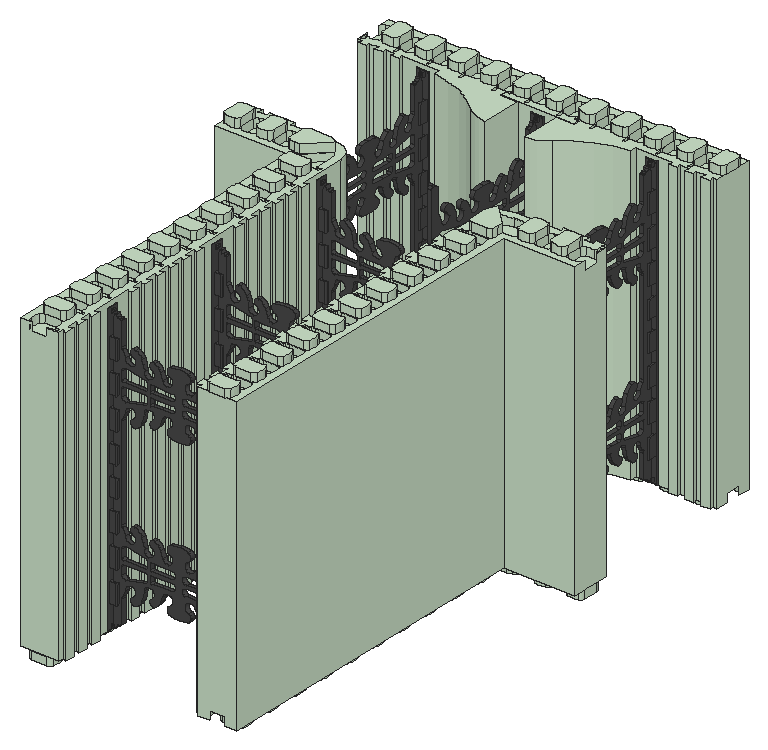
Revit family "ICF- NUDURA 8-inch- Long T Form Unit- Imperial", category Generic Models, Revit 2011 (continued)
Definition of nested family "NUDURA Diamond Pattern"
  Lines and regions (in)
    model lines
      curve 46: line (4.17062, -5.625, 13.69822) -> (4.54562, -5.625, 14.07322)
      curve 47: arc (4.54562, -5.625, 14.07322) -> (4.61884, -5.625, 14.25) -> (4.54562, -5.625, 14.42678) r 0.25
      curve 48: line (4.54562, -5.625, 14.42678) -> (4.17062, -5.625, 14.80178)
      curve 49: arc (3.69709, -5.625, 13.35858) -> (3.75567, -5.625, 13.5) -> (3.69709, -5.625, 13.64142) r 0.2
      curve 50: line (4.634, -5.625, 13.01517) -> (4.29059, -5.625, 13.35858)
      curve 51: arc (4.634, -5.625, 12.48484) -> (4.74384, -5.625, 12.75) -> (4.634, -5.625, 13.01517) r 0.375
      curve 52: line (4.29059, -5.625, 12.14142) -> (4.634, -5.625, 12.48484)
      curve 53: line (3.35367, -5.625, 12.48484) -> (3.69709, -5.625, 12.14142)
      curve 54: arc (3.35367, -5.625, 13.01517) -> (3.24384, -5.625, 12.75) -> (3.35367, -5.625, 12.48484) r 0.375
      curve 55: line (3.69709, -5.625, 13.35858) -> (3.35367, -5.625, 13.01517)
      curve 56: arc (4.17062, -5.625, 13.30178) -> (3.99384, -5.625, 13.375) -> (3.81706, -5.625, 13.30178) r 0.25
      curve 57: line (3.81706, -5.625, 13.30178) -> (3.44206, -5.625, 12.92678)
      curve 58: arc (3.44206, -5.625, 12.92678) -> (3.36884, -5.625, 12.75) -> (3.44206, -5.625, 12.57322) r 0.25
      curve 59: line (3.44206, -5.625, 12.57322) -> (3.81706, -5.625, 12.19822)
      curve 60: arc (3.81706, -5.625, 12.19822) -> (3.99384, -5.625, 12.125) -> (4.17062, -5.625, 12.19822) r 0.25
      curve 61: line (4.17062, -5.625, 12.19822) -> (4.54562, -5.625, 12.57322)
      curve 62: arc (4.54562, -5.625, 12.57322) -> (4.61884, -5.625, 12.75) -> (4.54562, -5.625, 12.92678) r 0.25
      curve 63: line (4.54562, -5.625, 12.92678) -> (4.17062, -5.625, 13.30178)
      curve 64: arc (3.69709, -5.625, 11.85858) -> (3.75567, -5.625, 12) -> (3.69709, -5.625, 12.14142) r 0.2
      curve 65: line (4.634, -5.625, 11.51517) -> (4.29059, -5.625, 11.85858)
      curve 66: arc (4.634, -5.625, 10.98484) -> (4.74384, -5.625, 11.25) -> (4.634, -5.625, 11.51517) r 0.375
      curve 67: line (4.29059, -5.625, 10.64142) -> (4.634, -5.625, 10.98484)
      curve 68: line (3.35367, -5.625, 10.98484) -> (3.69709, -5.625, 10.64142)
      curve 69: arc (3.35367, -5.625, 11.51517) -> (3.24384, -5.625, 11.25) -> (3.35367, -5.625, 10.98484) r 0.375
      curve 70: line (3.69709, -5.625, 11.85858) -> (3.35367, -5.625, 11.51517)
      curve 71: arc (4.17062, -5.625, 11.80178) -> (3.99384, -5.625, 11.875) -> (3.81706, -5.625, 11.80178) r 0.25
      curve 72: line (3.81706, -5.625, 11.80178) -> (3.44206, -5.625, 11.42678)
      curve 73: arc (3.44206, -5.625, 11.42678) -> (3.36884, -5.625, 11.25) -> (3.44206, -5.625, 11.07322) r 0.25
      curve 74: line (3.44206, -5.625, 11.07322) -> (3.81706, -5.625, 10.69822)
      curve 75: arc (3.81706, -5.625, 10.69822) -> (3.99384, -5.625, 10.625) -> (4.17062, -5.625, 10.69822) r 0.25
      curve 76: line (4.17062, -5.625, 10.69822) -> (4.54562, -5.625, 11.07322)
      curve 77: arc (4.54562, -5.625, 11.07322) -> (4.61884, -5.625, 11.25) -> (4.54562, -5.625, 11.42678) r 0.25
      curve 78: line (4.54562, -5.625, 11.42678) -> (4.17062, -5.625, 11.80178)
      curve 79: arc (3.69709, -5.625, 10.35858) -> (3.75567, -5.625, 10.5) -> (3.69709, -5.625, 10.64142) r 0.2
      curve 80: line (4.634, -5.625, 10.01517) -> (4.29059, -5.625, 10.35858)
      curve 81: arc (4.634, -5.625, 9.48484) -> (4.74384, -5.625, 9.75) -> (4.634, -5.625, 10.01517) r 0.375
      curve 82: line (4.29059, -5.625, 9.14142) -> (4.634, -5.625, 9.48484)
      curve 83: line (3.35367, -5.625, 9.48484) -> (3.69709, -5.625, 9.14142)
      curve 84: arc (3.35367, -5.625, 10.01517) -> (3.24384, -5.625, 9.75) -> (3.35367, -5.625, 9.48484) r 0.375
      curve 85: line (3.69709, -5.625, 10.35858) -> (3.35367, -5.625, 10.01517)
      curve 86: arc (4.17062, -5.625, 10.30178) -> (3.99384, -5.625, 10.375) -> (3.81706, -5.625, 10.30178) r 0.25
      curve 87: line (3.81706, -5.625, 10.30178) -> (3.44206, -5.625, 9.92678)
      curve 88: arc (3.44206, -5.625, 9.92678) -> (3.36884, -5.625, 9.75) -> (3.44206, -5.625, 9.57322) r 0.25
      curve 89: line (3.44206, -5.625, 9.57322) -> (3.81706, -5.625, 9.19822)
      curve 90: arc (3.81706, -5.625, 9.19822) -> (3.99384, -5.625, 9.125) -> (4.17062, -5.625, 9.19822) r 0.25
      curve 91: line (4.17062, -5.625, 9.19822) -> (4.54562, -5.625, 9.57322)
      curve 92: arc (4.54562, -5.625, 9.57322) -> (4.61884, -5.625, 9.75) -> (4.54562, -5.625, 9.92678) r 0.25
      curve 93: line (4.54562, -5.625, 9.92678) -> (4.17062, -5.625, 10.30178)
      curve 94: arc (3.69709, -5.625, 8.85858) -> (3.75567, -5.625, 9) -> (3.69709, -5.625, 9.14142) r 0.2
      curve 95: line (4.634, -5.625, 8.51517) -> (4.29059, -5.625, 8.85858)
      curve 96: arc (4.634, -5.625, 7.98484) -> (4.74384, -5.625, 8.25) -> (4.634, -5.625, 8.51517) r 0.375
      curve 97: line (4.29059, -5.625, 7.64142) -> (4.634, -5.625, 7.98484)
      curve 98: line (3.35367, -5.625, 7.98484) -> (3.69709, -5.625, 7.64142)
      curve 99: arc (3.35367, -5.625, 8.51517) -> (3.24384, -5.625, 8.25) -> (3.35367, -5.625, 7.98484) r 0.375
      curve 100: line (3.69709, -5.625, 8.85858) -> (3.35367, -5.625, 8.51517)
      curve 101: arc (4.17062, -5.625, 8.80178) -> (3.99384, -5.625, 8.875) -> (3.81706, -5.625, 8.80178) r 0.25
      curve 102: line (3.81706, -5.625, 8.80178) -> (3.44206, -5.625, 8.42678)
      curve 103: arc (3.44206, -5.625, 8.42678) -> (3.36884, -5.625, 8.25) -> (3.44206, -5.625, 8.07322) r 0.25
      curve 104: line (3.44206, -5.625, 8.07322) -> (3.81706, -5.625, 7.69822)
      curve 105: arc (3.81706, -5.625, 7.69822) -> (3.99384, -5.625, 7.625) -> (4.17062, -5.625, 7.69822) r 0.25
      curve 106: line (4.17062, -5.625, 7.69822) -> (4.54562, -5.625, 8.07322)
      curve 107: arc (4.54562, -5.625, 8.07322) -> (4.61884, -5.625, 8.25) -> (4.54562, -5.625, 8.42678) r 0.25
      curve 108: line (4.54562, -5.625, 8.42678) -> (4.17062, -5.625, 8.80178)
      curve 109: arc (3.69709, -5.625, 7.35858) -> (3.75567, -5.625, 7.5) -> (3.69709, -5.625, 7.64142) r 0.2
      curve 110: line (4.634, -5.625, 7.01517) -> (4.29059, -5.625, 7.35858)
      curve 111: arc (4.634, -5.625, 6.48484) -> (4.74384, -5.625, 6.75) -> (4.634, -5.625, 7.01517) r 0.375
      curve 112: line (4.29059, -5.625, 6.14142) -> (4.634, -5.625, 6.48484)
      curve 113: line (3.35367, -5.625, 6.48484) -> (3.69709, -5.625, 6.14142)
      curve 114: arc (3.35367, -5.625, 7.01517) -> (3.24384, -5.625, 6.75) -> (3.35367, -5.625, 6.48484) r 0.375
      curve 115: line (3.69709, -5.625, 7.35858) -> (3.35367, -5.625, 7.01517)
      curve 116: arc (4.17062, -5.625, 7.30178) -> (3.99384, -5.625, 7.375) -> (3.81706, -5.625, 7.30178) r 0.25
      curve 117: line (3.81706, -5.625, 7.30178) -> (3.44206, -5.625, 6.92678)
      curve 118: arc (3.44206, -5.625, 6.92678) -> (3.36884, -5.625, 6.75) -> (3.44206, -5.625, 6.57322) r 0.25
      curve 119: line (3.44206, -5.625, 6.57322) -> (3.81706, -5.625, 6.19822)
      curve 120: arc (3.81706, -5.625, 6.19822) -> (3.99384, -5.625, 6.125) -> (4.17062, -5.625, 6.19822) r 0.25
      curve 121: line (4.17062, -5.625, 6.19822) -> (4.54562, -5.625, 6.57322)
      curve 122: arc (4.54562, -5.625, 6.57322) -> (4.61884, -5.625, 6.75) -> (4.54562, -5.625, 6.92678) r 0.25
      curve 123: line (4.54562, -5.625, 6.92678) -> (4.17062, -5.625, 7.30178)
      curve 124: arc (3.69709, -5.625, 5.85858) -> (3.75567, -5.625, 6) -> (3.69709, -5.625, 6.14142) r 0.2
      curve 125: line (4.634, -5.625, 5.51517) -> (4.29059, -5.625, 5.85858)
      curve 126: arc (4.634, -5.625, 4.98484) -> (4.74384, -5.625, 5.25) -> (4.634, -5.625, 5.51517) r 0.375
      curve 127: line (4.29059, -5.625, 4.64142) -> (4.634, -5.625, 4.98484)
      curve 128: line (3.35367, -5.625, 4.98484) -> (3.69709, -5.625, 4.64142)
      curve 129: arc (3.35367, -5.625, 5.51517) -> (3.24384, -5.625, 5.25) -> (3.35367, -5.625, 4.98484) r 0.375
      curve 130: line (3.69709, -5.625, 5.85858) -> (3.35367, -5.625, 5.51517)
      curve 131: arc (4.17062, -5.625, 5.80178) -> (3.99384, -5.625, 5.875) -> (3.81706, -5.625, 5.80178) r 0.25
      curve 132: line (3.81706, -5.625, 5.80178) -> (3.44206, -5.625, 5.42678)
      curve 133: arc (3.44206, -5.625, 5.42678) -> (3.36884, -5.625, 5.25) -> (3.44206, -5.625, 5.07322) r 0.25
      curve 134: line (3.44206, -5.625, 5.07322) -> (3.81706, -5.625, 4.69822)
      curve 135: arc (3.81706, -5.625, 4.69822) -> (3.99384, -5.625, 4.625) -> (4.17062, -5.625, 4.69822) r 0.25
      curve 136: line (4.17062, -5.625, 4.69822) -> (4.54562, -5.625, 5.07322)
      curve 137: arc (4.54562, -5.625, 5.07322) -> (4.61884, -5.625, 5.25) -> (4.54562, -5.625, 5.42678) r 0.25
      curve 138: line (4.54562, -5.625, 5.42678) -> (4.17062, -5.625, 5.80178)
      curve 139: arc (3.69709, -5.625, 4.35858) -> (3.75567, -5.625, 4.5) -> (3.69709, -5.625, 4.64142) r 0.2
      curve 140: line (4.634, -5.625, 4.01517) -> (4.29059, -5.625, 4.35858)
      curve 141: arc (4.634, -5.625, 3.48484) -> (4.74384, -5.625, 3.75) -> (4.634, -5.625, 4.01517) r 0.375
      curve 142: line (4.29059, -5.625, 3.14142) -> (4.634, -5.625, 3.48484)
      curve 143: line (3.35367, -5.625, 3.48484) -> (3.69709, -5.625, 3.14142)
      curve 144: arc (3.35367, -5.625, 4.01517) -> (3.24384, -5.625, 3.75) -> (3.35367, -5.625, 3.48484) r 0.375
      curve 145: line (3.69709, -5.625, 4.35858) -> (3.35367, -5.625, 4.01517)
      curve 146: arc (4.17062, -5.625, 4.30178) -> (3.99384, -5.625, 4.375) -> (3.81706, -5.625, 4.30178) r 0.25
      curve 147: line (3.81706, -5.625, 4.30178) -> (3.44206, -5.625, 3.92678)
      curve 148: arc (3.44206, -5.625, 3.92678) -> (3.36884, -5.625, 3.75) -> (3.44206, -5.625, 3.57322) r 0.25
      curve 149: line (3.44206, -5.625, 3.57322) -> (3.81706, -5.625, 3.19822)
      curve 150: arc (3.81706, -5.625, 3.19822) -> (3.99384, -5.625, 3.125) -> (4.17062, -5.625, 3.19822) r 0.25
      curve 151: line (4.17062, -5.625, 3.19822) -> (4.54562, -5.625, 3.57322)
      curve 152: arc (4.54562, -5.625, 3.57322) -> (4.61884, -5.625, 3.75) -> (4.54562, -5.625, 3.92678) r 0.25
      curve 153: line (4.54562, -5.625, 3.92678) -> (4.17062, -5.625, 4.30178)
      curve 154: arc (3.69709, -5.625, 2.85858) -> (3.75567, -5.625, 3) -> (3.69709, -5.625, 3.14142) r 0.2
      curve 155: line (4.634, -5.625, 2.51517) -> (4.29059, -5.625, 2.85858)
      curve 156: arc (4.634, -5.625, 1.98484) -> (4.74384, -5.625, 2.25) -> (4.634, -5.625, 2.51517) r 0.375
      curve 157: line (4.29059, -5.625, 1.64142) -> (4.634, -5.625, 1.98484)
      curve 158: line (3.35367, -5.625, 1.98484) -> (3.69709, -5.625, 1.64142)
      curve 159: arc (3.35367, -5.625, 2.51517) -> (3.24384, -5.625, 2.25) -> (3.35367, -5.625, 1.98484) r 0.375
      curve 160: line (3.69709, -5.625, 2.85858) -> (3.35367, -5.625, 2.51517)
      curve 161: arc (4.17062, -5.625, 2.80178) -> (3.99384, -5.625, 2.875) -> (3.81706, -5.625, 2.80178) r 0.25
      curve 162: line (3.81706, -5.625, 2.80178) -> (3.44206, -5.625, 2.42678)
      curve 163: arc (3.44206, -5.625, 2.42678) -> (3.36884, -5.625, 2.25) -> (3.44206, -5.625, 2.07322) r 0.25
      curve 164: line (3.44206, -5.625, 2.07322) -> (3.81706, -5.625, 1.69822)
      curve 165: arc (3.81706, -5.625, 1.69822) -> (3.99384, -5.625, 1.625) -> (4.17062, -5.625, 1.69822) r 0.25
      curve 166: line (4.17062, -5.625, 1.69822) -> (4.54562, -5.625, 2.07322)
      curve 167: arc (4.54562, -5.625, 2.07322) -> (4.61884, -5.625, 2.25) -> (4.54562, -5.625, 2.42678) r 0.25
      curve 168: line (4.54562, -5.625, 2.42678) -> (4.17062, -5.625, 2.80178)
      curve 169: arc (3.69709, -5.625, 1.35858) -> (3.75567, -5.625, 1.5) -> (3.69709, -5.625, 1.64142) r 0.2
      curve 170: line (3.69709, -5.625, 1.35858) -> (3.35367, -5.625, 1.01517)
      curve 171: arc (3.35367, -5.625, 1.01517) -> (3.24384, -5.625, 0.75) -> (3.35367, -5.625, 0.48484) r 0.375
      curve 172: line (3.35367, -5.625, 0.48484) -> (3.72867, -5.625, 0.10984)
      curve 173: arc (3.72867, -5.625, 0.10984) -> (3.99384, -5.625, 0) -> (4.259, -5.625, 0.10984) r 0.375
      curve 174: line (4.259, -5.625, 0.10984) -> (4.634, -5.625, 0.48484)
      curve 175: arc (4.634, -5.625, 0.48484) -> (4.74384, -5.625, 0.75) -> (4.634, -5.625, 1.01517) r 0.375
      curve 176: line (4.634, -5.625, 1.01517) -> (4.29059, -5.625, 1.35858)
      curve 177: arc (4.29059, -5.625, 1.64142) -> (4.23201, -5.625, 1.5) -> (4.29059, -5.625, 1.35858) r 0.2
      curve 178: arc (4.17062, -5.625, 1.30178) -> (3.99384, -5.625, 1.375) -> (3.81706, -5.625, 1.30178) r 0.25
      curve 179: line (4.54562, -5.625, 0.92678) -> (4.17062, -5.625, 1.30178)
      curve 180: arc (4.54562, -5.625, 0.57322) -> (4.61884, -5.625, 0.75) -> (4.54562, -5.625, 0.92678) r 0.25
      curve 181: line (4.17062, -5.625, 0.19822) -> (4.54562, -5.625, 0.57322)
      curve 182: arc (3.81706, -5.625, 0.19822) -> (3.99384, -5.625, 0.125) -> (4.17062, -5.625, 0.19822) r 0.25
      curve 183: line (3.44206, -5.625, 0.57322) -> (3.81706, -5.625, 0.19822)
      curve 184: arc (3.44206, -5.625, 0.92678) -> (3.36884, -5.625, 0.75) -> (3.44206, -5.625, 0.57322) r 0.25
      curve 185: line (3.81706, -5.625, 1.30178) -> (3.44206, -5.625, 0.92678)
      curve 186: arc (4.29059, -5.625, 3.14142) -> (4.23201, -5.625, 3) -> (4.29059, -5.625, 2.85858) r 0.2
      curve 187: arc (4.29059, -5.625, 4.64142) -> (4.23201, -5.625, 4.5) -> (4.29059, -5.625, 4.35858) r 0.2
      curve 188: arc (4.29059, -5.625, 6.14142) -> (4.23201, -5.625, 6) -> (4.29059, -5.625, 5.85858) r 0.2
      curve 189: arc (4.29059, -5.625, 7.64142) -> (4.23201, -5.625, 7.5) -> (4.29059, -5.625, 7.35858) r 0.2
      curve 190: arc (4.29059, -5.625, 9.14142) -> (4.23201, -5.625, 9) -> (4.29059, -5.625, 8.85858) r 0.2
      curve 191: arc (4.29059, -5.625, 10.64142) -> (4.23201, -5.625, 10.5) -> (4.29059, -5.625, 10.35858) r 0.2
      curve 192: arc (4.29059, -5.625, 12.14142) -> (4.23201, -5.625, 12) -> (4.29059, -5.625, 11.85858) r 0.2
      curve 193: arc (4.29059, -5.625, 13.64142) -> (4.23201, -5.625, 13.5) -> (4.29059, -5.625, 13.35858) r 0.2
      curve 194: arc (4.29059, -5.625, 15.14142) -> (4.23201, -5.625, 15) -> (4.29059, -5.625, 14.85858) r 0.2
      curve 195: arc (4.29059, -5.625, 16.64142) -> (4.23201, -5.625, 16.5) -> (4.29059, -5.625, 16.35858) r 0.2
Definition of nested family "NUDURA Logo Diamond"
  Reference planes (in)
    plane 1 "Center (Front/Back)": y = 0
    plane 2: z = 0
    plane 3 "Center (Left/Right)": x = 0
  Lines and regions (in)
    model lines
      curve 1: line (12.59848, 0, 17.50104) -> (12.24492, 0, 17.85459)
      curve 2: line (12.36113, 0, 16.76872) -> (12.59848, 0, 17.00607)
      curve 3: line (12.59848, 0, 16.00104) -> (12.36113, 0, 16.23839)
      curve 4: line (12.36113, 0, 15.26872) -> (12.59848, 0, 15.50607)
      curve 5: line (12.59848, 0, 14.50104) -> (12.36113, 0, 14.73839)
      curve 6: line (12.36113, 0, 13.76872) -> (12.59848, 0, 14.00607)
      curve 7: line (12.17421, 0, 13.28388) -> (12.71208, 0, 12.74602)
      curve 8: line (12.71208, 0, 12.74602) -> (12.78279, 0, 12.81673)
      curve 9: line (11.28279, 0, 12.74602) -> (11.82066, 0, 13.28388)
      curve 10: line (11.63374, 0, 13.23839) -> (11.21208, 0, 12.81673)
      curve 11: line (11.3964, 0, 14.00607) -> (11.63374, 0, 13.76872)
      curve 12: line (11.63374, 0, 14.73839) -> (11.3964, 0, 14.50104)
      curve 13: line (11.3964, 0, 15.50607) -> (11.63374, 0, 15.26872)
      curve 14: line (11.63374, 0, 16.23839) -> (11.3964, 0, 16.00104)
      curve 15: line (11.3964, 0, 17.00607) -> (11.63374, 0, 16.76872)
      curve 16: line (11.74995, 0, 17.85459) -> (11.3964, 0, 17.50104)
      curve 17: line (11.82066, 0, 17.78388) -> (11.46711, 0, 17.43033)
      curve 18: line (12.52777, 0, 17.43033) -> (12.17421, 0, 17.78388)
      curve 19: line (12.17421, 0, 16.72322) -> (12.52777, 0, 17.07678)
      curve 20: line (11.46711, 0, 17.07678) -> (11.82066, 0, 16.72322)
      curve 21: arc (11.3964, 0, 17.50104) -> (11.29388, 0, 17.25355) -> (11.3964, 0, 17.00607) r 0.35
      curve 22: arc (11.74995, 0, 17.85459) -> (11.99744, 0, 17.95711) -> (12.24492, 0, 17.85459) r 0.35
      curve 23: arc (11.46711, 0, 17.43033) -> (11.39388, 0, 17.25355) -> (11.46711, 0, 17.07678) r 0.25
      curve 24: arc (12.52777, 0, 17.43033) -> (12.60099, 0, 17.25355) -> (12.52777, 0, 17.07678) r 0.25
      curve 25: arc (12.17421, 0, 16.72322) -> (11.99744, 0, 16.65) -> (11.82066, 0, 16.72322) r 0.25
      curve 26: arc (11.82066, 0, 17.78388) -> (11.99744, 0, 17.85711) -> (12.17421, 0, 17.78388) r 0.25
      curve 27: arc (12.59848, 0, 17.50104) -> (12.70099, 0, 17.25355) -> (12.59848, 0, 17.00607) r 0.35
      curve 28: arc (11.63374, 0, 16.76872) -> (11.74358, 0, 16.50355) -> (11.63374, 0, 16.23839) r 0.375
      curve 29: arc (12.36113, 0, 16.76872) -> (12.2513, 0, 16.50355) -> (12.36113, 0, 16.23839) r 0.375
      curve 30: line (12.36113, 0, 15.26872) -> (12.59848, 0, 15.50607)
      curve 31: line (11.3964, 0, 15.50607) -> (11.63374, 0, 15.26872)
      curve 32: line (11.82066, 0, 16.28388) -> (11.46711, 0, 15.93033)
      curve 33: line (12.52777, 0, 15.93033) -> (12.17421, 0, 16.28388)
      curve 34: line (12.17421, 0, 15.22322) -> (12.52777, 0, 15.57678)
      curve 35: line (11.46711, 0, 15.57678) -> (11.82066, 0, 15.22322)
      curve 36: arc (11.3964, 0, 16.00104) -> (11.29388, 0, 15.75355) -> (11.3964, 0, 15.50607) r 0.35
      curve 37: arc (11.46711, 0, 15.93033) -> (11.39388, 0, 15.75355) -> (11.46711, 0, 15.57678) r 0.25
      curve 38: arc (12.52777, 0, 15.93033) -> (12.60099, 0, 15.75355) -> (12.52777, 0, 15.57678) r 0.25
      curve 39: arc (12.17421, 0, 15.22322) -> (11.99744, 0, 15.15) -> (11.82066, 0, 15.22322) r 0.25
      curve 40: arc (11.82066, 0, 16.28388) -> (11.99744, 0, 16.35711) -> (12.17421, 0, 16.28388) r 0.25
      curve 41: arc (12.59848, 0, 16.00104) -> (12.70099, 0, 15.75355) -> (12.59848, 0, 15.50607) r 0.35
      curve 42: line (11.63374, 0, 16.23839) -> (11.3964, 0, 16.00104)
      curve 43: line (12.59848, 0, 16.00104) -> (12.36113, 0, 16.23839)
      curve 44: arc (11.63374, 0, 15.26872) -> (11.74358, 0, 15.00355) -> (11.63374, 0, 14.73839) r 0.375
      curve 45: arc (12.36113, 0, 15.26872) -> (12.2513, 0, 15.00355) -> (12.36113, 0, 14.73839) r 0.375
      curve 46: line (12.36113, 0, 13.76872) -> (12.59848, 0, 14.00607)
      curve 47: line (11.3964, 0, 14.00607) -> (11.63374, 0, 13.76872)
      curve 48: line (11.82066, 0, 14.78388) -> (11.46711, 0, 14.43033)
      curve 49: line (12.52777, 0, 14.43033) -> (12.17421, 0, 14.78388)
      curve 50: line (12.17421, 0, 13.72322) -> (12.52777, 0, 14.07678)
      curve 51: line (11.46711, 0, 14.07678) -> (11.82066, 0, 13.72322)
      curve 52: arc (11.3964, 0, 14.50104) -> (11.29388, 0, 14.25355) -> (11.3964, 0, 14.00607) r 0.35
      curve 53: arc (11.46711, 0, 14.43033) -> (11.39388, 0, 14.25355) -> (11.46711, 0, 14.07678) r 0.25
      curve 54: arc (12.52777, 0, 14.43033) -> (12.60099, 0, 14.25355) -> (12.52777, 0, 14.07678) r 0.25
      curve 55: arc (12.17421, 0, 13.72322) -> (11.99744, 0, 13.65) -> (11.82066, 0, 13.72322) r 0.25
      curve 56: arc (11.82066, 0, 14.78388) -> (11.99744, 0, 14.85711) -> (12.17421, 0, 14.78388) r 0.25
      curve 57: arc (12.59848, 0, 14.50104) -> (12.70099, 0, 14.25355) -> (12.59848, 0, 14.00607) r 0.35
      curve 58: line (11.63374, 0, 14.73839) -> (11.3964, 0, 14.50104)
      curve 59: arc (11.63374, 0, 13.76872) -> (11.74358, 0, 13.50355) -> (11.63374, 0, 13.23839) r 0.375
      curve 60: arc (12.36113, 0, 13.76872) -> (12.2513, 0, 13.50355) -> (12.36113, 0, 13.23839) r 0.375
      curve 61: line (12.78279, 0, 12.81673) -> (12.36113, 0, 13.23839)
      curve 62: line (11.21208, 0, 12.81673) -> (11.28279, 0, 12.74602)
      curve 63: arc (11.82066, 0, 13.28388) -> (11.99744, 0, 13.35711) -> (12.17421, 0, 13.28388) r 0.25
      curve 64: line (12.59848, 0, 0.50607) -> (12.24492, 0, 0.15251)
      curve 65: line (12.36113, 0, 1.23839) -> (12.59848, 0, 1.00104)
      curve 66: line (12.59848, 0, 2.00607) -> (12.36113, 0, 1.76872)
      curve 67: line (12.36113, 0, 2.73839) -> (12.59848, 0, 2.50104)
      curve 68: line (12.59848, 0, 3.50607) -> (12.36113, 0, 3.26872)
      curve 69: line (12.36113, 0, 4.23839) -> (12.59848, 0, 4.00104)
      curve 70: line (12.17421, 0, 4.72322) -> (12.71208, 0, 5.26109)
      curve 71: line (12.71208, 0, 5.26109) -> (12.78279, 0, 5.19038)
      curve 72: line (11.28279, 0, 5.26109) -> (11.82066, 0, 4.72322)
      curve 73: line (11.63374, 0, 4.76872) -> (11.21208, 0, 5.19038)
      curve 74: line (11.3964, 0, 4.00104) -> (11.63374, 0, 4.23839)
      curve 75: line (11.63374, 0, 3.26872) -> (11.3964, 0, 3.50607)
      curve 76: line (11.3964, 0, 2.50104) -> (11.63374, 0, 2.73839)
      curve 77: line (11.63374, 0, 1.76872) -> (11.3964, 0, 2.00607)
      curve 78: line (11.3964, 0, 1.00104) -> (11.63374, 0, 1.23839)
      curve 79: line (11.74995, 0, 0.15251) -> (11.3964, 0, 0.50607)
      curve 80: line (11.82066, 0, 0.22322) -> (11.46711, 0, 0.57678)
      curve 81: line (12.52777, 0, 0.57678) -> (12.17421, 0, 0.22322)
      curve 82: line (12.17421, 0, 1.28388) -> (12.52777, 0, 0.93033)
      curve 83: line (11.46711, 0, 0.93033) -> (11.82066, 0, 1.28388)
      curve 84: arc (11.3964, 0, 0.50607) -> (11.29388, 0, 0.75355) -> (11.3964, 0, 1.00104) r 0.35
      curve 85: arc (11.74995, 0, 0.15251) -> (11.99744, 0, 0.05) -> (12.24492, 0, 0.15251) r 0.35
      curve 86: arc (11.46711, 0, 0.57678) -> (11.39388, 0, 0.75355) -> (11.46711, 0, 0.93033) r 0.25
      curve 87: arc (12.52777, 0, 0.57678) -> (12.60099, 0, 0.75355) -> (12.52777, 0, 0.93033) r 0.25
      curve 88: arc (12.17421, 0, 1.28388) -> (11.99744, 0, 1.35711) -> (11.82066, 0, 1.28388) r 0.25
      curve 89: arc (11.82066, 0, 0.22322) -> (11.99744, 0, 0.15) -> (12.17421, 0, 0.22322) r 0.25
      curve 90: arc (12.59848, 0, 0.50607) -> (12.70099, 0, 0.75355) -> (12.59848, 0, 1.00104) r 0.35
      curve 91: arc (11.63374, 0, 1.23839) -> (11.74358, 0, 1.50355) -> (11.63374, 0, 1.76872) r 0.375
      curve 92: arc (12.36113, 0, 1.23839) -> (12.2513, 0, 1.50355) -> (12.36113, 0, 1.76872) r 0.375
      curve 93: line (12.36113, 0, 2.73839) -> (12.59848, 0, 2.50104)
      curve 94: line (11.3964, 0, 2.50104) -> (11.63374, 0, 2.73839)
      curve 95: line (11.82066, 0, 1.72322) -> (11.46711, 0, 2.07678)
      curve 96: line (12.52777, 0, 2.07678) -> (12.17421, 0, 1.72322)
      curve 97: line (12.17421, 0, 2.78388) -> (12.52777, 0, 2.43033)
      curve 98: line (11.46711, 0, 2.43033) -> (11.82066, 0, 2.78388)
      curve 99: arc (11.3964, 0, 2.00607) -> (11.29388, 0, 2.25355) -> (11.3964, 0, 2.50104) r 0.35
      curve 100: arc (11.46711, 0, 2.07678) -> (11.39388, 0, 2.25355) -> (11.46711, 0, 2.43033) r 0.25
      curve 101: arc (12.52777, 0, 2.07678) -> (12.60099, 0, 2.25355) -> (12.52777, 0, 2.43033) r 0.25
      curve 102: arc (12.17421, 0, 2.78388) -> (11.99744, 0, 2.85711) -> (11.82066, 0, 2.78388) r 0.25
      curve 103: arc (11.82066, 0, 1.72322) -> (11.99744, 0, 1.65) -> (12.17421, 0, 1.72322) r 0.25
      curve 104: arc (12.59848, 0, 2.00607) -> (12.70099, 0, 2.25355) -> (12.59848, 0, 2.50104) r 0.35
      curve 105: line (11.63374, 0, 1.76872) -> (11.3964, 0, 2.00607)
      curve 106: line (12.59848, 0, 2.00607) -> (12.36113, 0, 1.76872)
      curve 107: arc (11.63374, 0, 2.73839) -> (11.74358, 0, 3.00355) -> (11.63374, 0, 3.26872) r 0.375
      curve 108: arc (12.36113, 0, 2.73839) -> (12.2513, 0, 3.00355) -> (12.36113, 0, 3.26872) r 0.375
      curve 109: line (12.36113, 0, 4.23839) -> (12.59848, 0, 4.00104)
      curve 110: line (11.3964, 0, 4.00104) -> (11.63374, 0, 4.23839)
      curve 111: line (11.82066, 0, 3.22322) -> (11.46711, 0, 3.57678)
      curve 112: line (12.52777, 0, 3.57678) -> (12.17421, 0, 3.22322)
      curve 113: line (12.17421, 0, 4.28388) -> (12.52777, 0, 3.93033)
      curve 114: line (11.46711, 0, 3.93033) -> (11.82066, 0, 4.28388)
      curve 115: arc (11.3964, 0, 3.50607) -> (11.29388, 0, 3.75355) -> (11.3964, 0, 4.00104) r 0.35
      curve 116: arc (11.46711, 0, 3.57678) -> (11.39388, 0, 3.75355) -> (11.46711, 0, 3.93033) r 0.25
      curve 117: arc (12.52777, 0, 3.57678) -> (12.60099, 0, 3.75355) -> (12.52777, 0, 3.93033) r 0.25
      curve 118: arc (12.17421, 0, 4.28388) -> (11.99744, 0, 4.35711) -> (11.82066, 0, 4.28388) r 0.25
      curve 119: arc (11.82066, 0, 3.22322) -> (11.99744, 0, 3.15) -> (12.17421, 0, 3.22322) r 0.25
      curve 120: arc (12.59848, 0, 3.50607) -> (12.70099, 0, 3.75355) -> (12.59848, 0, 4.00104) r 0.35
      curve 121: line (11.63374, 0, 3.26872) -> (11.3964, 0, 3.50607)
      curve 122: arc (11.63374, 0, 4.23839) -> (11.74358, 0, 4.50355) -> (11.63374, 0, 4.76872) r 0.375
      curve 123: arc (12.36113, 0, 4.23839) -> (12.2513, 0, 4.50355) -> (12.36113, 0, 4.76872) r 0.375
      curve 124: line (12.78279, 0, 5.19038) -> (12.36113, 0, 4.76872)
      curve 125: line (11.21208, 0, 5.19038) -> (11.28279, 0, 5.26109)
      curve 126: arc (11.82066, 0, 4.72322) -> (11.99744, 0, 4.65) -> (12.17421, 0, 4.72322) r 0.25
      curve 127: line (12.37244, 0, 12.50355) -> (11.62244, 0, 12.50355)
      curve 128: line (12.74744, 0, 5.87855) -> (12.74744, 0, 12.12855)
      curve 129: line (11.24744, 0, 12.12855) -> (11.24744, 0, 5.87855)
      curve 130: line (11.62244, 0, 5.50355) -> (12.37244, 0, 5.50355)
      curve 131: line (12.47232, 0, 12.00355) -> (12.0393, 0, 12.25355)
      curve 132: line (12.47232, 0, 11.50355) -> (12.47232, 0, 12.00355)
      curve 133: line (12.25581, 0, 11.37855) -> (12.47232, 0, 11.50355)
      curve 134: line (12.02256, 0, 11.51322) -> (12.25581, 0, 11.37855)
      curve 135: line (12.22232, 0, 11.62855) -> (12.02256, 0, 11.51322)
      curve 136: line (11.80605, 0, 12.11888) -> (12.22232, 0, 11.87855)
      curve 137: line (12.22232, 0, 11.87855) -> (12.22232, 0, 11.62855)
      curve 138: line (12.0393, 0, 12.25355) -> (11.80605, 0, 12.11888)
      curve 139: line (11.77256, 0, 11.63822) -> (11.97232, 0, 11.75355)
      curve 140: line (11.97232, 0, 11.75355) -> (11.73906, 0, 11.88822)
      curve 141: line (11.73906, 0, 11.88822) -> (11.52256, 0, 11.76322)
      curve 142: line (11.52256, 0, 11.76322) -> (11.52256, 0, 11.26322)
      curve 143: line (11.77256, 0, 11.38822) -> (11.77256, 0, 11.63822)
      curve 144: line (12.18882, 0, 11.14789) -> (11.77256, 0, 11.38822)
      curve 145: line (11.95557, 0, 11.01322) -> (12.18882, 0, 11.14789)
      curve 146: line (11.52256, 0, 11.26322) -> (11.95557, 0, 11.01322)
      curve 147: line (12.31108, 0, 10.60411) -> (11.68379, 0, 10.74458)
      curve 148: line (11.68379, 0, 10.74458) -> (11.68379, 0, 10.51321)
      curve 149: line (11.68379, 0, 10.51321) -> (12.1295, 0, 10.41405)
      curve 150: line (12.1295, 0, 10.41405) -> (11.68379, 0, 10.27358)
      curve 151: line (11.68379, 0, 10.27358) -> (11.68379, 0, 9.8852)
      curve 152: line (11.68379, 0, 9.8852) -> (12.17077, 0, 9.77615)
      curve 153: line (12.17077, 0, 9.77615) -> (12.17077, 0, 9.74472)
      curve 154: line (12.17077, 0, 9.74472) -> (11.86146, 0, 9.80279)
      curve 155: line (11.68379, 0, 9.65536) -> (11.68379, 0, 9.35864)
      curve 156: line (12.07077, 0, 8.74385) -> (12.07077, 0, 8.99996)
      curve 157: line (12.07077, 0, 8.99996) -> (11.68379, 0, 9.08605)
      curve 158: line (11.68379, 0, 9.08605) -> (11.68379, 0, 8.47809)
      curve 159: line (11.91823, 0, 9.06589) -> (12.31108, 0, 8.97792)
      curve 160: line (11.82444, 0, 8.55476) -> (11.82444, 0, 8.79865)
      curve 161: line (11.82444, 0, 8.79865) -> (12.07077, 0, 8.74385)
      curve 162: line (11.68379, 0, 8.07193) -> (11.68379, 0, 7.77522)
      curve 163: line (11.91823, 0, 7.48247) -> (12.21108, 0, 7.41688)
      curve 164: line (12.21108, 0, 7.41688) -> (12.21108, 0, 6.95405)
      curve 165: line (12.16108, 0, 6.90405) -> (12.12077, 0, 6.90405)
      curve 166: line (12.07077, 0, 6.95405) -> (12.07077, 0, 7.08675)
      curve 167: line (12.07077, 0, 7.08675) -> (12.12077, 0, 7.07556)
      curve 168: line (12.12077, 0, 7.07556) -> (12.12077, 0, 7.33463)
      curve 169: line (12.12077, 0, 7.33463) -> (11.68379, 0, 7.43249)
      curve 170: line (11.68379, 0, 7.43249) -> (11.68379, 0, 7.17341)
      curve 171: line (11.68379, 0, 7.17341) -> (11.97077, 0, 7.10915)
      curve 172: line (11.97077, 0, 7.10915) -> (11.97077, 0, 6.99425)
      curve 173: line (11.92077, 0, 6.94425) -> (11.68379, 0, 6.94425)
      curve 174: line (11.68379, 0, 6.94425) -> (11.68379, 0, 6.45682)
      curve 175: line (11.68379, 0, 6.45682) -> (11.78284, 0, 6.38658)
      curve 176: line (11.78284, 0, 6.38658) -> (11.78284, 0, 6.05178)
      curve 177: line (12.12371, 0, 6.14486) -> (11.88284, 0, 6.31567)
      curve 178: line (11.88284, 0, 6.31567) -> (11.88284, 0, 6.07909)
      curve 179: line (11.88284, 0, 6.07909) -> (12.12371, 0, 6.14486)
      curve 180: line (11.78284, 0, 6.05178) -> (11.68379, 0, 6.02474)
      curve 181: line (11.68379, 0, 6.02474) -> (11.68379, 0, 5.75355)
      curve 182: line (11.68379, 0, 5.75355) -> (12.31108, 0, 5.92483)
      curve 183: line (12.31108, 0, 5.92483) -> (12.31108, 0, 6.28791)
      curve 184: line (12.31108, 0, 6.28791) -> (11.76249, 0, 6.67694)
      curve 185: line (11.76249, 0, 6.67694) -> (11.90321, 0, 6.67694)
      curve 186: line (12.31108, 0, 6.78674) -> (12.31108, 0, 7.63562)
      curve 187: line (12.31108, 0, 7.63562) -> (11.90258, 0, 7.7271)
      curve 188: line (11.82444, 0, 7.82469) -> (11.82444, 0, 7.92839)
      curve 189: line (11.88536, 0, 7.97718) -> (12.31108, 0, 7.88185)
      curve 190: line (12.31108, 0, 7.88185) -> (12.31108, 0, 8.13496)
      curve 191: line (12.31108, 0, 8.13496) -> (12.08042, 0, 8.17826)
      curve 192: line (12.31108, 0, 8.38353) -> (12.31108, 0, 8.9465)
      curve 193: line (12.31108, 0, 8.9465) -> (12.17077, 0, 8.97771)
      curve 194: line (12.17077, 0, 8.97771) -> (12.17077, 0, 8.55476)
      curve 195: line (12.31108, 0, 8.97792) -> (12.31108, 0, 9.21905)
      curve 196: line (12.31108, 0, 9.21905) -> (11.90258, 0, 9.31053)
      curve 197: line (11.82444, 0, 9.40811) -> (11.82444, 0, 9.51182)
      curve 198: line (11.87938, 0, 9.56195) -> (12.31108, 0, 9.46528)
      curve 199: line (12.31108, 0, 9.46528) -> (12.31108, 0, 9.98469)
      curve 200: line (12.31108, 0, 9.98469) -> (11.90664, 0, 10.07526)
      curve 201: line (11.90664, 0, 10.07526) -> (12.31108, 0, 10.20747)
      curve 202: line (12.31108, 0, 10.20747) -> (12.31108, 0, 10.60411)
      curve 203: arc (11.68379, 0, 9.65536) -> (11.73801, 0, 9.7708) -> (11.86146, 0, 9.80279) r 0.15
      curve 204: arc (11.68379, 0, 9.35864) -> (11.74962, 0, 9.17112) -> (11.91823, 0, 9.06589) r 0.3
      curve 205: arc (11.84417, 0, 8.22149) -> (11.72718, 0, 8.32679) -> (11.68379, 0, 8.47809) r 0.28547
      curve 206: arc (11.68379, 0, 8.07193) -> (11.73147, 0, 8.18158) -> (11.84417, 0, 8.22149) r 0.14992
      curve 207: arc (11.68379, 0, 7.77522) -> (11.74962, 0, 7.58769) -> (11.91823, 0, 7.48247) r 0.3
      curve 208: arc (11.82444, 0, 7.82469) -> (11.84638, 0, 7.76218) -> (11.90258, 0, 7.7271) r 0.1
      curve 209: arc (11.82444, 0, 7.92839) -> (11.84318, 0, 7.96742) -> (11.88536, 0, 7.97718) r 0.05
      curve 210: arc (12.12077, 0, 6.90405) -> (12.08541, 0, 6.91869) -> (12.07077, 0, 6.95405) r 0.05
      curve 211: arc (12.16108, 0, 6.90405) -> (12.19644, 0, 6.91869) -> (12.21108, 0, 6.95405) r 0.05
      curve 212: arc (11.97077, 0, 6.99425) -> (11.95612, 0, 6.95889) -> (11.92077, 0, 6.94425) r 0.05
      curve 213: arc (11.90321, 0, 6.67694) -> (11.96756, 0, 6.70069) -> (12.00104, 0, 6.76055) r 0.09904
      curve 214: arc (12.00104, 0, 6.76055) -> (12.1681, 0, 6.63117) -> (12.31108, 0, 6.78674) r 0.15613
      curve 215: arc (12.08042, 0, 8.17826) -> (12.24181, 0, 8.22914) -> (12.31108, 0, 8.38353) r 0.20667
      curve 216: arc (11.82444, 0, 8.55476) -> (11.9976, 0, 8.3816) -> (12.17077, 0, 8.55476) r 0.17317
      curve 217: arc (11.82444, 0, 9.40811) -> (11.84638, 0, 9.34561) -> (11.90258, 0, 9.31053) r 0.1
      curve 218: arc (11.82444, 0, 9.51182) -> (11.8459, 0, 9.55306) -> (11.892, 0, 9.55913) r 0.05034
      curve 219: arc (11.24744, 0, 12.12855) -> (11.35727, 0, 12.39372) -> (11.62244, 0, 12.50355) r 0.375
      curve 220: arc (12.37244, 0, 12.50355) -> (12.6376, 0, 12.39372) -> (12.74744, 0, 12.12855) r 0.375
      curve 221: arc (11.24744, 0, 5.87855) -> (11.35727, 0, 5.61339) -> (11.62244, 0, 5.50355) r 0.375
      curve 222: arc (12.37244, 0, 5.50355) -> (12.6376, 0, 5.61339) -> (12.74744, 0, 5.87855) r 0.375
      curve 223: line (9.99744, 0, 18) -> (9.99744, 0, 0)
      curve 224: line (13.99744, 0, 18) -> (13.99744, 0, 0)
      curve 225: line (15.99744, 0, 18) -> (15.99744, 0, 0)
Definition of nested family "NUDURA Diamond Pattern Missing Two Lines"
  Reference planes (in)
    plane 1 "Center (Front/Back)": y = 0
    plane 2: z = 0
    plane 3 "Center (Left/Right)": x = 0
    plane 4: z = 18
  Lines and regions (in)
    model lines
      curve 1: line (2, -5.625, 18) -> (2, -5.625, 0)
      curve 2: line (3.35367, -5.625, 16.98484) -> (3.69709, -5.625, 16.64142)
      curve 3: arc (3.35367, -5.625, 17.51517) -> (3.24384, -5.625, 17.25) -> (3.35367, -5.625, 16.98484) r 0.375
      curve 4: line (3.72867, -5.625, 17.89017) -> (3.35367, -5.625, 17.51517)
      curve 5: arc (4.259, -5.625, 17.89017) -> (3.99384, -5.625, 18) -> (3.72867, -5.625, 17.89017) r 0.375
      curve 6: line (4.634, -5.625, 17.51517) -> (4.259, -5.625, 17.89017)
      curve 7: arc (4.634, -5.625, 16.98484) -> (4.74384, -5.625, 17.25) -> (4.634, -5.625, 17.51517) r 0.375
      curve 8: line (4.29059, -5.625, 16.64142) -> (4.634, -5.625, 16.98484)
      curve 9: arc (4.17062, -5.625, 17.80178) -> (3.99384, -5.625, 17.875) -> (3.81706, -5.625, 17.80178) r 0.25
      curve 10: line (4.54562, -5.625, 17.42678) -> (4.17062, -5.625, 17.80178)
      curve 11: arc (4.54562, -5.625, 17.07322) -> (4.61884, -5.625, 17.25) -> (4.54562, -5.625, 17.42678) r 0.25
      curve 12: line (4.17062, -5.625, 16.69822) -> (4.54562, -5.625, 17.07322)
      curve 13: arc (3.81706, -5.625, 16.69822) -> (3.99384, -5.625, 16.625) -> (4.17062, -5.625, 16.69822) r 0.25
      curve 14: line (3.44206, -5.625, 17.07322) -> (3.81706, -5.625, 16.69822)
      curve 15: arc (3.44206, -5.625, 17.42678) -> (3.36884, -5.625, 17.25) -> (3.44206, -5.625, 17.07322) r 0.25
      curve 16: line (3.81706, -5.625, 17.80178) -> (3.44206, -5.625, 17.42678)
      curve 17: arc (3.69709, -5.625, 16.35858) -> (3.75567, -5.625, 16.5) -> (3.69709, -5.625, 16.64142) r 0.2
      curve 18: line (4.634, -5.625, 16.01517) -> (4.29059, -5.625, 16.35858)
      curve 19: arc (4.634, -5.625, 15.48484) -> (4.74384, -5.625, 15.75) -> (4.634, -5.625, 16.01517) r 0.375
      curve 20: line (4.29059, -5.625, 15.14142) -> (4.634, -5.625, 15.48484)
      curve 21: line (3.35367, -5.625, 15.48484) -> (3.69709, -5.625, 15.14142)
      curve 22: arc (3.35367, -5.625, 16.01517) -> (3.24384, -5.625, 15.75) -> (3.35367, -5.625, 15.48484) r 0.375
      curve 23: line (3.69709, -5.625, 16.35858) -> (3.35367, -5.625, 16.01517)
      curve 24: arc (4.17062, -5.625, 16.30178) -> (3.99384, -5.625, 16.375) -> (3.81706, -5.625, 16.30178) r 0.25
      curve 25: line (3.81706, -5.625, 16.30178) -> (3.44206, -5.625, 15.92678)
      curve 26: arc (3.44206, -5.625, 15.92678) -> (3.36884, -5.625, 15.75) -> (3.44206, -5.625, 15.57322) r 0.25
      curve 27: line (3.44206, -5.625, 15.57322) -> (3.81706, -5.625, 15.19822)
      curve 28: arc (3.81706, -5.625, 15.19822) -> (3.99384, -5.625, 15.125) -> (4.17062, -5.625, 15.19822) r 0.25
      curve 29: line (4.17062, -5.625, 15.19822) -> (4.54562, -5.625, 15.57322)
      curve 30: arc (4.54562, -5.625, 15.57322) -> (4.61884, -5.625, 15.75) -> (4.54562, -5.625, 15.92678) r 0.25
      curve 31: line (4.54562, -5.625, 15.92678) -> (4.17062, -5.625, 16.30178)
      curve 32: arc (3.69709, -5.625, 14.85858) -> (3.75567, -5.625, 15) -> (3.69709, -5.625, 15.14142) r 0.2
      curve 33: line (4.634, -5.625, 14.51517) -> (4.29059, -5.625, 14.85858)
      curve 34: arc (4.634, -5.625, 13.98484) -> (4.74384, -5.625, 14.25) -> (4.634, -5.625, 14.51517) r 0.375
      curve 35: line (4.29059, -5.625, 13.64142) -> (4.634, -5.625, 13.98484)
      curve 36: line (3.35367, -5.625, 13.98484) -> (3.69709, -5.625, 13.64142)
      curve 37: arc (3.35367, -5.625, 14.51517) -> (3.24384, -5.625, 14.25) -> (3.35367, -5.625, 13.98484) r 0.375
      curve 38: line (3.69709, -5.625, 14.85858) -> (3.35367, -5.625, 14.51517)
      curve 39: arc (4.17062, -5.625, 14.80178) -> (3.99384, -5.625, 14.875) -> (3.81706, -5.625, 14.80178) r 0.25
      curve 40: line (3.81706, -5.625, 14.80178) -> (3.44206, -5.625, 14.42678)
      curve 41: arc (3.44206, -5.625, 14.42678) -> (3.36884, -5.625, 14.25) -> (3.44206, -5.625, 14.07322) r 0.25
      curve 42: line (3.44206, -5.625, 14.07322) -> (3.81706, -5.625, 13.69822)
      curve 43: arc (3.81706, -5.625, 13.69822) -> (3.99384, -5.625, 13.625) -> (4.17062, -5.625, 13.69822) r 0.25
      curve 44: line (4.17062, -5.625, 13.69822) -> (4.54562, -5.625, 14.07322)
      curve 45: arc (4.54562, -5.625, 14.07322) -> (4.61884, -5.625, 14.25) -> (4.54562, -5.625, 14.42678) r 0.25
      curve 46: line (4.54562, -5.625, 14.42678) -> (4.17062, -5.625, 14.80178)
      curve 47: arc (3.69709, -5.625, 13.35858) -> (3.75567, -5.625, 13.5) -> (3.69709, -5.625, 13.64142) r 0.2
      curve 48: line (4.634, -5.625, 13.01517) -> (4.29059, -5.625, 13.35858)
      curve 49: arc (4.634, -5.625, 12.48484) -> (4.74384, -5.625, 12.75) -> (4.634, -5.625, 13.01517) r 0.375
      curve 50: line (4.29059, -5.625, 12.14142) -> (4.634, -5.625, 12.48484)
      curve 51: line (3.35367, -5.625, 12.48484) -> (3.69709, -5.625, 12.14142)
      curve 52: arc (3.35367, -5.625, 13.01517) -> (3.24384, -5.625, 12.75) -> (3.35367, -5.625, 12.48484) r 0.375
      curve 53: line (3.69709, -5.625, 13.35858) -> (3.35367, -5.625, 13.01517)
      curve 54: arc (4.17062, -5.625, 13.30178) -> (3.99384, -5.625, 13.375) -> (3.81706, -5.625, 13.30178) r 0.25
      curve 55: line (3.81706, -5.625, 13.30178) -> (3.44206, -5.625, 12.92678)
      curve 56: arc (3.44206, -5.625, 12.92678) -> (3.36884, -5.625, 12.75) -> (3.44206, -5.625, 12.57322) r 0.25
      curve 57: line (3.44206, -5.625, 12.57322) -> (3.81706, -5.625, 12.19822)
      curve 58: arc (3.81706, -5.625, 12.19822) -> (3.99384, -5.625, 12.125) -> (4.17062, -5.625, 12.19822) r 0.25
      curve 59: line (4.17062, -5.625, 12.19822) -> (4.54562, -5.625, 12.57322)
      curve 60: arc (4.54562, -5.625, 12.57322) -> (4.61884, -5.625, 12.75) -> (4.54562, -5.625, 12.92678) r 0.25
      curve 61: line (4.54562, -5.625, 12.92678) -> (4.17062, -5.625, 13.30178)
      curve 62: arc (3.69709, -5.625, 11.85858) -> (3.75567, -5.625, 12) -> (3.69709, -5.625, 12.14142) r 0.2
      curve 63: line (4.634, -5.625, 11.51517) -> (4.29059, -5.625, 11.85858)
      curve 64: arc (4.634, -5.625, 10.98484) -> (4.74384, -5.625, 11.25) -> (4.634, -5.625, 11.51517) r 0.375
      curve 65: line (4.29059, -5.625, 10.64142) -> (4.634, -5.625, 10.98484)
      curve 66: line (3.35367, -5.625, 10.98484) -> (3.69709, -5.625, 10.64142)
      curve 67: arc (3.35367, -5.625, 11.51517) -> (3.24384, -5.625, 11.25) -> (3.35367, -5.625, 10.98484) r 0.375
      curve 68: line (3.69709, -5.625, 11.85858) -> (3.35367, -5.625, 11.51517)
      curve 69: arc (4.17062, -5.625, 11.80178) -> (3.99384, -5.625, 11.875) -> (3.81706, -5.625, 11.80178) r 0.25
      curve 70: line (3.81706, -5.625, 11.80178) -> (3.44206, -5.625, 11.42678)
      curve 71: arc (3.44206, -5.625, 11.42678) -> (3.36884, -5.625, 11.25) -> (3.44206, -5.625, 11.07322) r 0.25
      curve 72: line (3.44206, -5.625, 11.07322) -> (3.81706, -5.625, 10.69822)
      curve 73: arc (3.81706, -5.625, 10.69822) -> (3.99384, -5.625, 10.625) -> (4.17062, -5.625, 10.69822) r 0.25
      curve 74: line (4.17062, -5.625, 10.69822) -> (4.54562, -5.625, 11.07322)
      curve 75: arc (4.54562, -5.625, 11.07322) -> (4.61884, -5.625, 11.25) -> (4.54562, -5.625, 11.42678) r 0.25
      curve 76: line (4.54562, -5.625, 11.42678) -> (4.17062, -5.625, 11.80178)
      curve 77: arc (3.69709, -5.625, 10.35858) -> (3.75567, -5.625, 10.5) -> (3.69709, -5.625, 10.64142) r 0.2
      curve 78: line (4.634, -5.625, 10.01517) -> (4.29059, -5.625, 10.35858)
      curve 79: arc (4.634, -5.625, 9.48484) -> (4.74384, -5.625, 9.75) -> (4.634, -5.625, 10.01517) r 0.375
      curve 80: line (4.29059, -5.625, 9.14142) -> (4.634, -5.625, 9.48484)
      curve 81: line (3.35367, -5.625, 9.48484) -> (3.69709, -5.625, 9.14142)
      curve 82: arc (3.35367, -5.625, 10.01517) -> (3.24384, -5.625, 9.75) -> (3.35367, -5.625, 9.48484) r 0.375
      curve 83: line (3.69709, -5.625, 10.35858) -> (3.35367, -5.625, 10.01517)
      curve 84: arc (4.17062, -5.625, 10.30178) -> (3.99384, -5.625, 10.375) -> (3.81706, -5.625, 10.30178) r 0.25
      curve 85: line (3.81706, -5.625, 10.30178) -> (3.44206, -5.625, 9.92678)
      curve 86: arc (3.44206, -5.625, 9.92678) -> (3.36884, -5.625, 9.75) -> (3.44206, -5.625, 9.57322) r 0.25
      curve 87: line (3.44206, -5.625, 9.57322) -> (3.81706, -5.625, 9.19822)
      curve 88: arc (3.81706, -5.625, 9.19822) -> (3.99384, -5.625, 9.125) -> (4.17062, -5.625, 9.19822) r 0.25
      curve 89: line (4.17062, -5.625, 9.19822) -> (4.54562, -5.625, 9.57322)
      curve 90: arc (4.54562, -5.625, 9.57322) -> (4.61884, -5.625, 9.75) -> (4.54562, -5.625, 9.92678) r 0.25
      curve 91: line (4.54562, -5.625, 9.92678) -> (4.17062, -5.625, 10.30178)
      curve 92: arc (3.69709, -5.625, 8.85858) -> (3.75567, -5.625, 9) -> (3.69709, -5.625, 9.14142) r 0.2
      curve 93: line (4.634, -5.625, 8.51517) -> (4.29059, -5.625, 8.85858)
      curve 94: arc (4.634, -5.625, 7.98484) -> (4.74384, -5.625, 8.25) -> (4.634, -5.625, 8.51517) r 0.375
      curve 95: line (4.29059, -5.625, 7.64142) -> (4.634, -5.625, 7.98484)
      curve 96: line (3.35367, -5.625, 7.98484) -> (3.69709, -5.625, 7.64142)
      curve 97: arc (3.35367, -5.625, 8.51517) -> (3.24384, -5.625, 8.25) -> (3.35367, -5.625, 7.98484) r 0.375
      curve 98: line (3.69709, -5.625, 8.85858) -> (3.35367, -5.625, 8.51517)
      curve 99: arc (4.17062, -5.625, 8.80178) -> (3.99384, -5.625, 8.875) -> (3.81706, -5.625, 8.80178) r 0.25
      curve 100: line (3.81706, -5.625, 8.80178) -> (3.44206, -5.625, 8.42678)
      curve 101: arc (3.44206, -5.625, 8.42678) -> (3.36884, -5.625, 8.25) -> (3.44206, -5.625, 8.07322) r 0.25
      curve 102: line (3.44206, -5.625, 8.07322) -> (3.81706, -5.625, 7.69822)
      curve 103: arc (3.81706, -5.625, 7.69822) -> (3.99384, -5.625, 7.625) -> (4.17062, -5.625, 7.69822) r 0.25
      curve 104: line (4.17062, -5.625, 7.69822) -> (4.54562, -5.625, 8.07322)
      curve 105: arc (4.54562, -5.625, 8.07322) -> (4.61884, -5.625, 8.25) -> (4.54562, -5.625, 8.42678) r 0.25
      curve 106: line (4.54562, -5.625, 8.42678) -> (4.17062, -5.625, 8.80178)
      curve 107: arc (3.69709, -5.625, 7.35858) -> (3.75567, -5.625, 7.5) -> (3.69709, -5.625, 7.64142) r 0.2
      curve 108: line (4.634, -5.625, 7.01517) -> (4.29059, -5.625, 7.35858)
      curve 109: arc (4.634, -5.625, 6.48484) -> (4.74384, -5.625, 6.75) -> (4.634, -5.625, 7.01517) r 0.375
      curve 110: line (4.29059, -5.625, 6.14142) -> (4.634, -5.625, 6.48484)
      curve 111: line (3.35367, -5.625, 6.48484) -> (3.69709, -5.625, 6.14142)
      curve 112: arc (3.35367, -5.625, 7.01517) -> (3.24384, -5.625, 6.75) -> (3.35367, -5.625, 6.48484) r 0.375
      curve 113: line (3.69709, -5.625, 7.35858) -> (3.35367, -5.625, 7.01517)
      curve 114: arc (4.17062, -5.625, 7.30178) -> (3.99384, -5.625, 7.375) -> (3.81706, -5.625, 7.30178) r 0.25
      curve 115: line (3.81706, -5.625, 7.30178) -> (3.44206, -5.625, 6.92678)
      curve 116: arc (3.44206, -5.625, 6.92678) -> (3.36884, -5.625, 6.75) -> (3.44206, -5.625, 6.57322) r 0.25
      curve 117: line (3.44206, -5.625, 6.57322) -> (3.81706, -5.625, 6.19822)
      curve 118: arc (3.81706, -5.625, 6.19822) -> (3.99384, -5.625, 6.125) -> (4.17062, -5.625, 6.19822) r 0.25
      curve 119: line (4.17062, -5.625, 6.19822) -> (4.54562, -5.625, 6.57322)
      curve 120: arc (4.54562, -5.625, 6.57322) -> (4.61884, -5.625, 6.75) -> (4.54562, -5.625, 6.92678) r 0.25
      curve 121: line (4.54562, -5.625, 6.92678) -> (4.17062, -5.625, 7.30178)
      curve 122: arc (3.69709, -5.625, 5.85858) -> (3.75567, -5.625, 6) -> (3.69709, -5.625, 6.14142) r 0.2
      curve 123: line (4.634, -5.625, 5.51517) -> (4.29059, -5.625, 5.85858)
      curve 124: arc (4.634, -5.625, 4.98484) -> (4.74384, -5.625, 5.25) -> (4.634, -5.625, 5.51517) r 0.375
      curve 125: line (4.29059, -5.625, 4.64142) -> (4.634, -5.625, 4.98484)
      curve 126: line (3.35367, -5.625, 4.98484) -> (3.69709, -5.625, 4.64142)
      curve 127: arc (3.35367, -5.625, 5.51517) -> (3.24384, -5.625, 5.25) -> (3.35367, -5.625, 4.98484) r 0.375
      curve 128: line (3.69709, -5.625, 5.85858) -> (3.35367, -5.625, 5.51517)
      curve 129: arc (4.17062, -5.625, 5.80178) -> (3.99384, -5.625, 5.875) -> (3.81706, -5.625, 5.80178) r 0.25
      curve 130: line (3.81706, -5.625, 5.80178) -> (3.44206, -5.625, 5.42678)
      curve 131: arc (3.44206, -5.625, 5.42678) -> (3.36884, -5.625, 5.25) -> (3.44206, -5.625, 5.07322) r 0.25
      curve 132: line (3.44206, -5.625, 5.07322) -> (3.81706, -5.625, 4.69822)
      curve 133: arc (3.81706, -5.625, 4.69822) -> (3.99384, -5.625, 4.625) -> (4.17062, -5.625, 4.69822) r 0.25
      curve 134: line (4.17062, -5.625, 4.69822) -> (4.54562, -5.625, 5.07322)
      curve 135: arc (4.54562, -5.625, 5.07322) -> (4.61884, -5.625, 5.25) -> (4.54562, -5.625, 5.42678) r 0.25
      curve 136: line (4.54562, -5.625, 5.42678) -> (4.17062, -5.625, 5.80178)
      curve 137: arc (3.69709, -5.625, 4.35858) -> (3.75567, -5.625, 4.5) -> (3.69709, -5.625, 4.64142) r 0.2
      curve 138: line (4.634, -5.625, 4.01517) -> (4.29059, -5.625, 4.35858)
      curve 139: arc (4.634, -5.625, 3.48484) -> (4.74384, -5.625, 3.75) -> (4.634, -5.625, 4.01517) r 0.375
      curve 140: line (4.29059, -5.625, 3.14142) -> (4.634, -5.625, 3.48484)
      curve 141: line (3.35367, -5.625, 3.48484) -> (3.69709, -5.625, 3.14142)
      curve 142: arc (3.35367, -5.625, 4.01517) -> (3.24384, -5.625, 3.75) -> (3.35367, -5.625, 3.48484) r 0.375
      curve 143: line (3.69709, -5.625, 4.35858) -> (3.35367, -5.625, 4.01517)
      curve 144: arc (4.17062, -5.625, 4.30178) -> (3.99384, -5.625, 4.375) -> (3.81706, -5.625, 4.30178) r 0.25
      curve 145: line (3.81706, -5.625, 4.30178) -> (3.44206, -5.625, 3.92678)
      curve 146: arc (3.44206, -5.625, 3.92678) -> (3.36884, -5.625, 3.75) -> (3.44206, -5.625, 3.57322) r 0.25
      curve 147: line (3.44206, -5.625, 3.57322) -> (3.81706, -5.625, 3.19822)
      curve 148: arc (3.81706, -5.625, 3.19822) -> (3.99384, -5.625, 3.125) -> (4.17062, -5.625, 3.19822) r 0.25
      curve 149: line (4.17062, -5.625, 3.19822) -> (4.54562, -5.625, 3.57322)
      curve 150: arc (4.54562, -5.625, 3.57322) -> (4.61884, -5.625, 3.75) -> (4.54562, -5.625, 3.92678) r 0.25
      curve 151: line (4.54562, -5.625, 3.92678) -> (4.17062, -5.625, 4.30178)
      curve 152: arc (3.69709, -5.625, 2.85858) -> (3.75567, -5.625, 3) -> (3.69709, -5.625, 3.14142) r 0.2
      curve 153: line (4.634, -5.625, 2.51517) -> (4.29059, -5.625, 2.85858)
      curve 154: arc (4.634, -5.625, 1.98484) -> (4.74384, -5.625, 2.25) -> (4.634, -5.625, 2.51517) r 0.375
      curve 155: line (4.29059, -5.625, 1.64142) -> (4.634, -5.625, 1.98484)
      curve 156: line (3.35367, -5.625, 1.98484) -> (3.69709, -5.625, 1.64142)
      curve 157: arc (3.35367, -5.625, 2.51517) -> (3.24384, -5.625, 2.25) -> (3.35367, -5.625, 1.98484) r 0.375
      curve 158: line (3.69709, -5.625, 2.85858) -> (3.35367, -5.625, 2.51517)
      curve 159: arc (4.17062, -5.625, 2.80178) -> (3.99384, -5.625, 2.875) -> (3.81706, -5.625, 2.80178) r 0.25
      curve 160: line (3.81706, -5.625, 2.80178) -> (3.44206, -5.625, 2.42678)
      curve 161: arc (3.44206, -5.625, 2.42678) -> (3.36884, -5.625, 2.25) -> (3.44206, -5.625, 2.07322) r 0.25
      curve 162: line (3.44206, -5.625, 2.07322) -> (3.81706, -5.625, 1.69822)
      curve 163: arc (3.81706, -5.625, 1.69822) -> (3.99384, -5.625, 1.625) -> (4.17062, -5.625, 1.69822) r 0.25
      curve 164: line (4.17062, -5.625, 1.69822) -> (4.54562, -5.625, 2.07322)
      curve 165: arc (4.54562, -5.625, 2.07322) -> (4.61884, -5.625, 2.25) -> (4.54562, -5.625, 2.42678) r 0.25
      curve 166: line (4.54562, -5.625, 2.42678) -> (4.17062, -5.625, 2.80178)
      curve 167: arc (3.69709, -5.625, 1.35858) -> (3.75567, -5.625, 1.5) -> (3.69709, -5.625, 1.64142) r 0.2
      curve 168: line (3.69709, -5.625, 1.35858) -> (3.35367, -5.625, 1.01517)
      curve 169: arc (3.35367, -5.625, 1.01517) -> (3.24384, -5.625, 0.75) -> (3.35367, -5.625, 0.48484) r 0.375
      curve 170: line (3.35367, -5.625, 0.48484) -> (3.72867, -5.625, 0.10984)
      curve 171: arc (3.72867, -5.625, 0.10984) -> (3.99384, -5.625, 0) -> (4.259, -5.625, 0.10984) r 0.375
      curve 172: line (4.259, -5.625, 0.10984) -> (4.634, -5.625, 0.48484)
      curve 173: arc (4.634, -5.625, 0.48484) -> (4.74384, -5.625, 0.75) -> (4.634, -5.625, 1.01517) r 0.375
      curve 174: line (4.634, -5.625, 1.01517) -> (4.29059, -5.625, 1.35858)
      curve 175: arc (4.29059, -5.625, 1.64142) -> (4.23201, -5.625, 1.5) -> (4.29059, -5.625, 1.35858) r 0.2
      curve 176: arc (4.17062, -5.625, 1.30178) -> (3.99384, -5.625, 1.375) -> (3.81706, -5.625, 1.30178) r 0.25
      curve 177: line (4.54562, -5.625, 0.92678) -> (4.17062, -5.625, 1.30178)
      curve 178: arc (4.54562, -5.625, 0.57322) -> (4.61884, -5.625, 0.75) -> (4.54562, -5.625, 0.92678) r 0.25
      curve 179: line (4.17062, -5.625, 0.19822) -> (4.54562, -5.625, 0.57322)
      curve 180: arc (3.81706, -5.625, 0.19822) -> (3.99384, -5.625, 0.125) -> (4.17062, -5.625, 0.19822) r 0.25
      curve 181: line (3.44206, -5.625, 0.57322) -> (3.81706, -5.625, 0.19822)
      curve 182: arc (3.44206, -5.625, 0.92678) -> (3.36884, -5.625, 0.75) -> (3.44206, -5.625, 0.57322) r 0.25
      curve 183: line (3.81706, -5.625, 1.30178) -> (3.44206, -5.625, 0.92678)
      curve 184: arc (4.29059, -5.625, 3.14142) -> (4.23201, -5.625, 3) -> (4.29059, -5.625, 2.85858) r 0.2
      curve 185: arc (4.29059, -5.625, 4.64142) -> (4.23201, -5.625, 4.5) -> (4.29059, -5.625, 4.35858) r 0.2
      curve 186: arc (4.29059, -5.625, 6.14142) -> (4.23201, -5.625, 6) -> (4.29059, -5.625, 5.85858) r 0.2
      curve 187: arc (4.29059, -5.625, 7.64142) -> (4.23201, -5.625, 7.5) -> (4.29059, -5.625, 7.35858) r 0.2
      curve 188: arc (4.29059, -5.625, 9.14142) -> (4.23201, -5.625, 9) -> (4.29059, -5.625, 8.85858) r 0.2
      curve 189: arc (4.29059, -5.625, 10.64142) -> (4.23201, -5.625, 10.5) -> (4.29059, -5.625, 10.35858) r 0.2
      curve 190: arc (4.29059, -5.625, 12.14142) -> (4.23201, -5.625, 12) -> (4.29059, -5.625, 11.85858) r 0.2
      curve 191: arc (4.29059, -5.625, 13.64142) -> (4.23201, -5.625, 13.5) -> (4.29059, -5.625, 13.35858) r 0.2
      curve 192: arc (4.29059, -5.625, 15.14142) -> (4.23201, -5.625, 15) -> (4.29059, -5.625, 14.85858) r 0.2
      curve 193: arc (4.29059, -5.625, 16.64142) -> (4.23201, -5.625, 16.5) -> (4.29059, -5.625, 16.35858) r 0.2
